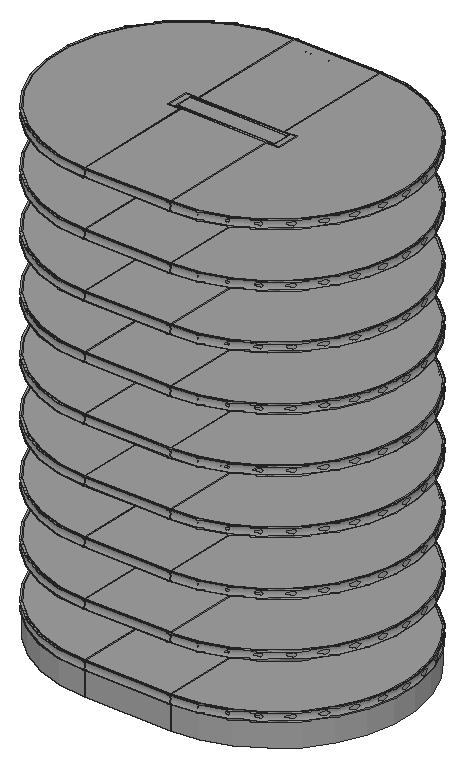
Revit family "LUXE-RFAD", category Generic Models, Revit 2012
Parameters
  URL = "http://www.madixinc.com/display/luxe/"
  Shelf Material = Default Madix
  Shelf 8 - On/Off = yes
  Shelf 7 - On/Off = yes
  Shelf 6 - On/Off = yes
  Shelf 5 - On/Off = yes
  Shelf 4 - On/Off = yes
  Shelf 3 - On/Off = yes
  Shelf 2 - On/Off = yes
  Shelf 1 - On/Off = yes
  Model = "Luxe Round Feature Aisle Display"
  Manufacturer = "© 2013 Madix, Inc. All rights reserved."
  Base Material = Default Madix
Reference planes (in)
  plane 1 "Center (Front/Back)": y = 0
  plane 2: z = 0
  plane 3 "Center (Left/Right)": x = 0
Dimensions and locks (in)
  aligned and locked: plane 2 to level
Nested families (in)
  nested 1: "Luxe_RoundFeatureAisleDisplay" at (0, 0, 0), type "Luxe_RoundFeatureAisleDisplay"
Definition of nested family "Luxe_RoundFeatureAisleDisplay"
  Parameters (values of type "Luxe_RoundFeatureAisleDisplay")
    Shelf Material = Default Madix
    Shelf 8 - On/Off = yes
    Shelf 7 - On/Off = yes
    Shelf 6 - On/Off = yes
    Shelf 5 - On/Off = yes
    Shelf 4 - On/Off = yes
    Shelf 3 - On/Off = yes
    Shelf 2 - On/Off = yes
    Shelf 1 - On/Off = yes
    Base Material = Default Madix
  Reference planes (in)
    plane 1 "Center (Front/Back)": y = 0
    plane 2: z = 0
    plane 3 "Center (Left/Right)": x = 0
  Forms (in)
    Extrusion 1, solid, material "Default Madix" <- "Base Material"
      sketch origin (-6, 0, 0) x (1, 0, 0) y (0, 1, 0)
        loop
          line (-0.75, -1.375) -> (0.75, -1.375) -> (0.75, -1.25) -> (0, -1.25) -> (0, 1.25) -> (0.75, 1.25) -> (0.75, 1.375) -> (-0.75, 1.375) -> (-0.75, -1.375)
      from 0 to 58
    Extrusion 2, solid, material "Default Madix" <- "Base Material"
      sketch origin (6, 0, 0) x (-1, 0, 0) y (0, -1, 0)
        loop
          line (-0.75, 1.375) -> (-0.75, -1.375) -> (0.75, -1.375) -> (0.75, -1.25) -> (0, -1.25) -> (0, 1.25) -> (0.75, 1.25) -> (0.75, 1.375) -> (-0.75, 1.375)
      from 0 to 58
    Extrusion 3, solid, material "Default Madix" <- "Base Material"
      sketch origin (0, 0, 0) x (1, 0, 0) y (0, 1, 0)
        loop
          line (-6, -1.25) -> (6, -1.25) -> (6, -1) -> (-6, -1) -> (-6, -1.25)
      from 0 to 58
    Extrusion 4, solid, material "Default Madix" <- "Base Material"
      sketch origin (0, 2.25, 0) x (1, 0, 0) y (0, 1, 0)
        loop
          line (-6, -1.25) -> (6, -1.25) -> (6, -1) -> (-6, -1) -> (-6, -1.25)
      from 0 to 58
    Extrusion 5, solid, material "Default Madix" <- "Base Material"
      sketch origin (0, 0, 16) x (1, 0, 0) y (0, 1, 0)
        loop
          line (6, -1) -> (6, 1) -> (-6, 1) -> (-6, -1) -> (6, -1)
      from 41.5 to 42
    Extrusion 6, solid, material "Default Madix" <- "Base Material"
      sketch origin (17.93813, 0, 0) x (-1, 0, 0) y (0, -1, 0)
        loop
          line (12.68813, -15.99638) -> (12.68813, 15.99638)
          arc (12.68813, 15.99638) -> (-3.30825, 0) -> (12.68813, -15.99638) r 15.99638
      from 0 to 3
    Sweep 7, solid, material "Default Madix" <- "Shelf Material"
      path origin (0, 3.74077, -1) x (1, 0, 0) y (0, 1, 0)
        loop
          arc (-5.25, 12.25562) -> (-21.25, -3.74438) -> (-5.25, -19.74438) r 16
      profile origin (-21.25, -0.00362, -1) x (1, 0, 0) y (0, 0, 1)
        loop
          line (0, 4) -> (0, 5) -> (-0.18969, 5)
          arc (-0.18969, 5) -> (-0.20245, 4.98913) -> (-0.19374, 4.9748) r 0.01293
          arc (-0.19374, 4.9748) -> (-0.02811, 4.5) -> (-0.19374, 4.0252) r 0.76336
          arc (-0.19374, 4.0252) -> (-0.20245, 4.01087) -> (-0.18969, 4) r 0.01293
          line (-0.18969, 4) -> (0, 4)
    Extrusion 8, solid, material "Default Madix" <- "Shelf Material"
      sketch origin (0, 0, -38) x (1, 0, 0) y (0, 1, 0)
        loop
          line (-5.25, 1.25) -> (5.25, 1.25) -> (5.25, 15.99638) -> (-5.25, 15.99638) -> (-5.25, 1.25)
      from 41 to 42
    Extrusion 9, solid, material "Default Madix" <- "Shelf Material"
      sketch origin (-16, 0, -38) x (1, 0, 0) y (0, 1, 0)
        loop
          arc (10.75, 15.99638) -> (-5.25, -0.00362) -> (10.75, -16.00362) r 16
          line (10.75, -16.00362) -> (10.75, -1.375) -> (9.25, -1.375) -> (9.25, 1.375) -> (10.75, 1.375) -> (10.75, 15.99638)
      from 41 to 42
    Extrusion 10, solid, material "Default Madix" <- "Shelf Material"
      sketch origin (0, 0, -38) x (1, 0, 0) y (0, 1, 0)
        loop
          line (-5.25, -1.25) -> (-5.25, -15.99638) -> (5.25, -15.99638) -> (5.25, -1.25) -> (-5.25, -1.25)
      from 41 to 42
    Extrusion 11, solid, material "Default Madix" <- "Shelf Material"
      sketch origin (16, 0, -38) x (-1, 0, 0) y (0, -1, 0)
        loop
          line (10.75, -15.99638) -> (10.75, -1.375) -> (9.25, -1.375) -> (9.25, 1.375) -> (10.75, 1.375) -> (10.75, 16.00362)
          arc (10.75, 16.00362) -> (-5.25, 0.00362) -> (10.75, -15.99638) r 16
      from 41 to 42
    Sweep 12, solid, material "Default Madix" <- "Shelf Material"
      path origin (0, 3.74077, -1) x (-1, 0, 0) y (0, -1, 0)
        loop
          arc (-5.25, -12.25562) -> (-21.25, 3.74438) -> (-5.25, 19.74438) r 16
      profile origin (21.25, -0.00362, -1) x (1, 0, 0) y (0, 0, 1)
        loop
          line (0, 4) -> (0.18969, 4)
          arc (0.18969, 4) -> (0.20245, 4.01087) -> (0.19374, 4.0252) r 0.01293
          arc (0.19374, 4.0252) -> (0.02811, 4.5) -> (0.19374, 4.9748) r 0.76336
          arc (0.19374, 4.9748) -> (0.20245, 4.98913) -> (0.18969, 5) r 0.01293
          line (0.18969, 5) -> (0, 5) -> (0, 4)
    Sweep 13, solid, material "Default Madix" <- "Shelf Material"
      path origin (-4.75, 3.74077, -1) x (-1, 0, 0) y (0, -1, 0)
        loop
          line (0.5, -12.25562) -> (-10, -12.25562)
      profile origin (0, 15.99638, -1) x (0, 1, 0) y (0, 0, 1)
        loop
          line (0, 4) -> (0.18969, 4)
          arc (0.18969, 4) -> (0.20245, 4.01087) -> (0.19374, 4.0252) r 0.01293
          arc (0.19374, 4.0252) -> (0.02811, 4.5) -> (0.19374, 4.9748) r 0.76336
          arc (0.19374, 4.9748) -> (0.20245, 4.98913) -> (0.18969, 5) r 0.01293
          line (0.18969, 5) -> (0, 5) -> (0, 4)
    Sweep 14, solid, material "Default Madix" <- "Shelf Material"
      path origin (-4.75, -3.74077, -1) x (-1, 0, 0) y (0, -1, 0)
        loop
          line (0.5, 12.25562) -> (-10, 12.25562)
      profile origin (0, -15.99638, -1) x (0, 1, 0) y (0, 0, 1)
        loop
          line (0, 4) -> (0, 5) -> (-0.18969, 5)
          arc (-0.18969, 5) -> (-0.20245, 4.98913) -> (-0.19374, 4.9748) r 0.01293
          arc (-0.19374, 4.9748) -> (-0.02811, 4.5) -> (-0.19374, 4.0252) r 0.76336
          arc (-0.19374, 4.0252) -> (-0.20245, 4.01087) -> (-0.18969, 4) r 0.01293
          line (-0.18969, 4) -> (0, 4)
    Sweep 15, solid, material "Default Madix" <- "Shelf Material", visible <- "Shelf 1 - On/Off"
      path origin (0, 3.74077, 5.75) x (1, 0, 0) y (0, 1, 0)
        loop
          arc (-5.25, 12.25562) -> (-21.25, -3.74438) -> (-5.25, -19.74438) r 16
      profile origin (-21.25, -0.00362, 5.75) x (1, 0, 0) y (0, 0, 1)
        loop
          line (0, 4) -> (0, 5) -> (-0.18969, 5)
          arc (-0.18969, 5) -> (-0.20245, 4.98913) -> (-0.19374, 4.9748) r 0.01293
          arc (-0.19374, 4.9748) -> (-0.02811, 4.5) -> (-0.19374, 4.0252) r 0.76336
          arc (-0.19374, 4.0252) -> (-0.20245, 4.01087) -> (-0.18969, 4) r 0.01293
          line (-0.18969, 4) -> (0, 4)
    Extrusion 16, solid, material "Default Madix" <- "Shelf Material", visible <- "Shelf 1 - On/Off"
      sketch origin (0, 0, -31.25) x (1, 0, 0) y (0, 1, 0)
        loop
          line (-5.25, 1.25) -> (5.25, 1.25) -> (5.25, 15.99638) -> (-5.25, 15.99638) -> (-5.25, 1.25)
      from 41 to 42
    Extrusion 17, solid, material "Default Madix" <- "Shelf Material", visible <- "Shelf 1 - On/Off"
      sketch origin (-16, 0, -31.25) x (1, 0, 0) y (0, 1, 0)
        loop
          arc (10.75, 15.99638) -> (-5.25, -0.00362) -> (10.75, -16.00362) r 16
          line (10.75, -16.00362) -> (10.75, -1.375) -> (9.25, -1.375) -> (9.25, 1.375) -> (10.75, 1.375) -> (10.75, 15.99638)
      from 41 to 42
    Extrusion 18, solid, material "Default Madix" <- "Shelf Material", visible <- "Shelf 1 - On/Off"
      sketch origin (0, 0, -31.25) x (1, 0, 0) y (0, 1, 0)
        loop
          line (-5.25, -1.25) -> (-5.25, -15.99638) -> (5.25, -15.99638) -> (5.25, -1.25) -> (-5.25, -1.25)
      from 41 to 42
    Extrusion 19, solid, material "Default Madix" <- "Shelf Material", visible <- "Shelf 1 - On/Off"
      sketch origin (16, 0, -31.25) x (-1, 0, 0) y (0, -1, 0)
        loop
          line (10.75, -15.99638) -> (10.75, -1.375) -> (9.25, -1.375) -> (9.25, 1.375) -> (10.75, 1.375) -> (10.75, 16.00362)
          arc (10.75, 16.00362) -> (-5.25, 0.00362) -> (10.75, -15.99638) r 16
      from 41 to 42
    Sweep 20, solid, material "Default Madix" <- "Shelf Material", visible <- "Shelf 1 - On/Off"
      path origin (0, 3.74077, 5.75) x (-1, 0, 0) y (0, -1, 0)
        loop
          arc (-5.25, -12.25562) -> (-21.25, 3.74438) -> (-5.25, 19.74438) r 16
      profile origin (21.25, -0.00362, 5.75) x (1, 0, 0) y (0, 0, 1)
        loop
          line (0, 4) -> (0.18969, 4)
          arc (0.18969, 4) -> (0.20245, 4.01087) -> (0.19374, 4.0252) r 0.01293
          arc (0.19374, 4.0252) -> (0.02811, 4.5) -> (0.19374, 4.9748) r 0.76336
          arc (0.19374, 4.9748) -> (0.20245, 4.98913) -> (0.18969, 5) r 0.01293
          line (0.18969, 5) -> (0, 5) -> (0, 4)
    Sweep 21, solid, material "Default Madix" <- "Shelf Material", visible <- "Shelf 1 - On/Off"
      path origin (-4.75, 3.74077, 5.75) x (-1, 0, 0) y (0, -1, 0)
        loop
          line (0.5, -12.25562) -> (-10, -12.25562)
      profile origin (0, 15.99638, 5.75) x (0, 1, 0) y (0, 0, 1)
        loop
          line (0, 4) -> (0.18969, 4)
          arc (0.18969, 4) -> (0.20245, 4.01087) -> (0.19374, 4.0252) r 0.01293
          arc (0.19374, 4.0252) -> (0.02811, 4.5) -> (0.19374, 4.9748) r 0.76336
          arc (0.19374, 4.9748) -> (0.20245, 4.98913) -> (0.18969, 5) r 0.01293
          line (0.18969, 5) -> (0, 5) -> (0, 4)
    Sweep 22, solid, material "Default Madix" <- "Shelf Material", visible <- "Shelf 1 - On/Off"
      path origin (-4.75, -3.74077, 5.75) x (-1, 0, 0) y (0, -1, 0)
        loop
          line (0.5, 12.25562) -> (-10, 12.25562)
      profile origin (0, -15.99638, 5.75) x (0, 1, 0) y (0, 0, 1)
        loop
          line (0, 4) -> (0, 5) -> (-0.18969, 5)
          arc (-0.18969, 5) -> (-0.20245, 4.98913) -> (-0.19374, 4.9748) r 0.01293
          arc (-0.19374, 4.9748) -> (-0.02811, 4.5) -> (-0.19374, 4.0252) r 0.76336
          arc (-0.19374, 4.0252) -> (-0.20245, 4.01087) -> (-0.18969, 4) r 0.01293
          line (-0.18969, 4) -> (0, 4)
    Extrusion 23, solid, material "Default Madix" <- "Base Material"
      sketch origin (-17.93813, 0, 0) x (1, 0, 0) y (0, 1, 0)
        loop
          arc (12.68813, 15.99638) -> (-3.30825, 0) -> (12.68813, -15.99638) r 15.99638
          line (12.68813, -15.99638) -> (12.68813, 15.99638)
      from 0 to 3
    Extrusion 24, solid, material "Default Madix" <- "Base Material"
      sketch origin (-7.43813, 0, 0) x (1, 0, 0) y (0, 1, 0)
        loop
          line (12.68813, 15.99638) -> (2.18813, 15.99638) -> (2.18813, -15.99638) -> (12.68813, -15.99638) -> (12.68813, 15.99638)
      from 0 to 3
    Sweep 25, solid, material "Default Madix" <- "Shelf Material", visible <- "Shelf 2 - On/Off"
      path origin (0, 3.74077, 12.5) x (1, 0, 0) y (0, 1, 0)
        loop
          arc (-5.25, 12.25562) -> (-21.25, -3.74438) -> (-5.25, -19.74438) r 16
      profile origin (-21.25, -0.00362, 12.5) x (1, 0, 0) y (0, 0, 1)
        loop
          line (0, 4) -> (0, 5) -> (-0.18969, 5)
          arc (-0.18969, 5) -> (-0.20245, 4.98913) -> (-0.19374, 4.9748) r 0.01293
          arc (-0.19374, 4.9748) -> (-0.02811, 4.5) -> (-0.19374, 4.0252) r 0.76336
          arc (-0.19374, 4.0252) -> (-0.20245, 4.01087) -> (-0.18969, 4) r 0.01293
          line (-0.18969, 4) -> (0, 4)
    Extrusion 26, solid, material "Default Madix" <- "Shelf Material", visible <- "Shelf 2 - On/Off"
      sketch origin (0, 0, -24.5) x (1, 0, 0) y (0, 1, 0)
        loop
          line (-5.25, 1.25) -> (5.25, 1.25) -> (5.25, 15.99638) -> (-5.25, 15.99638) -> (-5.25, 1.25)
      from 41 to 42
    Extrusion 27, solid, material "Default Madix" <- "Shelf Material", visible <- "Shelf 2 - On/Off"
      sketch origin (-16, 0, -24.5) x (1, 0, 0) y (0, 1, 0)
        loop
          arc (10.75, 15.99638) -> (-5.25, -0.00362) -> (10.75, -16.00362) r 16
          line (10.75, -16.00362) -> (10.75, -1.375) -> (9.25, -1.375) -> (9.25, 1.375) -> (10.75, 1.375) -> (10.75, 15.99638)
      from 41 to 42
    Extrusion 28, solid, material "Default Madix" <- "Shelf Material", visible <- "Shelf 2 - On/Off"
      sketch origin (0, 0, -24.5) x (1, 0, 0) y (0, 1, 0)
        loop
          line (-5.25, -1.25) -> (-5.25, -15.99638) -> (5.25, -15.99638) -> (5.25, -1.25) -> (-5.25, -1.25)
      from 41 to 42
    Extrusion 29, solid, material "Default Madix" <- "Shelf Material", visible <- "Shelf 2 - On/Off"
      sketch origin (16, 0, -24.5) x (-1, 0, 0) y (0, -1, 0)
        loop
          line (10.75, -15.99638) -> (10.75, -1.375) -> (9.25, -1.375) -> (9.25, 1.375) -> (10.75, 1.375) -> (10.75, 16.00362)
          arc (10.75, 16.00362) -> (-5.25, 0.00362) -> (10.75, -15.99638) r 16
      from 41 to 42
    Sweep 30, solid, material "Default Madix" <- "Shelf Material", visible <- "Shelf 2 - On/Off"
      path origin (0, 3.74077, 12.5) x (-1, 0, 0) y (0, -1, 0)
        loop
          arc (-5.25, -12.25562) -> (-21.25, 3.74438) -> (-5.25, 19.74438) r 16
      profile origin (21.25, -0.00362, 12.5) x (1, 0, 0) y (0, 0, 1)
        loop
          line (0, 4) -> (0.18969, 4)
          arc (0.18969, 4) -> (0.20245, 4.01087) -> (0.19374, 4.0252) r 0.01293
          arc (0.19374, 4.0252) -> (0.02811, 4.5) -> (0.19374, 4.9748) r 0.76336
          arc (0.19374, 4.9748) -> (0.20245, 4.98913) -> (0.18969, 5) r 0.01293
          line (0.18969, 5) -> (0, 5) -> (0, 4)
    Sweep 31, solid, material "Default Madix" <- "Shelf Material", visible <- "Shelf 2 - On/Off"
      path origin (-4.75, 3.74077, 12.5) x (-1, 0, 0) y (0, -1, 0)
        loop
          line (0.5, -12.25562) -> (-10, -12.25562)
      profile origin (0, 15.99638, 12.5) x (0, 1, 0) y (0, 0, 1)
        loop
          line (0, 4) -> (0.18969, 4)
          arc (0.18969, 4) -> (0.20245, 4.01087) -> (0.19374, 4.0252) r 0.01293
          arc (0.19374, 4.0252) -> (0.02811, 4.5) -> (0.19374, 4.9748) r 0.76336
          arc (0.19374, 4.9748) -> (0.20245, 4.98913) -> (0.18969, 5) r 0.01293
          line (0.18969, 5) -> (0, 5) -> (0, 4)
    Sweep 32, solid, material "Default Madix" <- "Shelf Material", visible <- "Shelf 2 - On/Off"
      path origin (-4.75, -3.74077, 12.5) x (-1, 0, 0) y (0, -1, 0)
        loop
          line (0.5, 12.25562) -> (-10, 12.25562)
      profile origin (0, -15.99638, 12.5) x (0, 1, 0) y (0, 0, 1)
        loop
          line (0, 4) -> (0, 5) -> (-0.18969, 5)
          arc (-0.18969, 5) -> (-0.20245, 4.98913) -> (-0.19374, 4.9748) r 0.01293
          arc (-0.19374, 4.9748) -> (-0.02811, 4.5) -> (-0.19374, 4.0252) r 0.76336
          arc (-0.19374, 4.0252) -> (-0.20245, 4.01087) -> (-0.18969, 4) r 0.01293
          line (-0.18969, 4) -> (0, 4)
    Sweep 33, solid, material "Default Madix" <- "Shelf Material", visible <- "Shelf 3 - On/Off"
      path origin (0, 3.74077, 19.25) x (1, 0, 0) y (0, 1, 0)
        loop
          arc (-5.25, 12.25562) -> (-21.25, -3.74438) -> (-5.25, -19.74438) r 16
      profile origin (-21.25, -0.00362, 19.25) x (1, 0, 0) y (0, 0, 1)
        loop
          line (0, 4) -> (0, 5) -> (-0.18969, 5)
          arc (-0.18969, 5) -> (-0.20245, 4.98913) -> (-0.19374, 4.9748) r 0.01293
          arc (-0.19374, 4.9748) -> (-0.02811, 4.5) -> (-0.19374, 4.0252) r 0.76336
          arc (-0.19374, 4.0252) -> (-0.20245, 4.01087) -> (-0.18969, 4) r 0.01293
          line (-0.18969, 4) -> (0, 4)
    Extrusion 34, solid, material "Default Madix" <- "Shelf Material", visible <- "Shelf 3 - On/Off"
      sketch origin (0, 0, -17.75) x (1, 0, 0) y (0, 1, 0)
        loop
          line (-5.25, 1.25) -> (5.25, 1.25) -> (5.25, 15.99638) -> (-5.25, 15.99638) -> (-5.25, 1.25)
      from 41 to 42
    Extrusion 35, solid, material "Default Madix" <- "Shelf Material", visible <- "Shelf 3 - On/Off"
      sketch origin (-16, 0, -17.75) x (1, 0, 0) y (0, 1, 0)
        loop
          arc (10.75, 15.99638) -> (-5.25, -0.00362) -> (10.75, -16.00362) r 16
          line (10.75, -16.00362) -> (10.75, -1.375) -> (9.25, -1.375) -> (9.25, 1.375) -> (10.75, 1.375) -> (10.75, 15.99638)
      from 41 to 42
    Extrusion 36, solid, material "Default Madix" <- "Shelf Material", visible <- "Shelf 3 - On/Off"
      sketch origin (0, 0, -17.75) x (1, 0, 0) y (0, 1, 0)
        loop
          line (-5.25, -1.25) -> (-5.25, -15.99638) -> (5.25, -15.99638) -> (5.25, -1.25) -> (-5.25, -1.25)
      from 41 to 42
    Extrusion 37, solid, material "Default Madix" <- "Shelf Material", visible <- "Shelf 3 - On/Off"
      sketch origin (16, 0, -17.75) x (-1, 0, 0) y (0, -1, 0)
        loop
          line (10.75, -15.99638) -> (10.75, -1.375) -> (9.25, -1.375) -> (9.25, 1.375) -> (10.75, 1.375) -> (10.75, 16.00362)
          arc (10.75, 16.00362) -> (-5.25, 0.00362) -> (10.75, -15.99638) r 16
      from 41 to 42
    Sweep 38, solid, material "Default Madix" <- "Shelf Material", visible <- "Shelf 3 - On/Off"
      path origin (0, 3.74077, 19.25) x (-1, 0, 0) y (0, -1, 0)
        loop
          arc (-5.25, -12.25562) -> (-21.25, 3.74438) -> (-5.25, 19.74438) r 16
      profile origin (21.25, -0.00362, 19.25) x (1, 0, 0) y (0, 0, 1)
        loop
          line (0, 4) -> (0.18969, 4)
          arc (0.18969, 4) -> (0.20245, 4.01087) -> (0.19374, 4.0252) r 0.01293
          arc (0.19374, 4.0252) -> (0.02811, 4.5) -> (0.19374, 4.9748) r 0.76336
          arc (0.19374, 4.9748) -> (0.20245, 4.98913) -> (0.18969, 5) r 0.01293
          line (0.18969, 5) -> (0, 5) -> (0, 4)
    Sweep 39, solid, material "Default Madix" <- "Shelf Material", visible <- "Shelf 3 - On/Off"
      path origin (-4.75, 3.74077, 19.25) x (-1, 0, 0) y (0, -1, 0)
        loop
          line (0.5, -12.25562) -> (-10, -12.25562)
      profile origin (0, 15.99638, 19.25) x (0, 1, 0) y (0, 0, 1)
        loop
          line (0, 4) -> (0.18969, 4)
          arc (0.18969, 4) -> (0.20245, 4.01087) -> (0.19374, 4.0252) r 0.01293
          arc (0.19374, 4.0252) -> (0.02811, 4.5) -> (0.19374, 4.9748) r 0.76336
          arc (0.19374, 4.9748) -> (0.20245, 4.98913) -> (0.18969, 5) r 0.01293
          line (0.18969, 5) -> (0, 5) -> (0, 4)
    Sweep 40, solid, material "Default Madix" <- "Shelf Material", visible <- "Shelf 3 - On/Off"
      path origin (-4.75, -3.74077, 19.25) x (-1, 0, 0) y (0, -1, 0)
        loop
          line (0.5, 12.25562) -> (-10, 12.25562)
      profile origin (0, -15.99638, 19.25) x (0, 1, 0) y (0, 0, 1)
        loop
          line (0, 4) -> (0, 5) -> (-0.18969, 5)
          arc (-0.18969, 5) -> (-0.20245, 4.98913) -> (-0.19374, 4.9748) r 0.01293
          arc (-0.19374, 4.9748) -> (-0.02811, 4.5) -> (-0.19374, 4.0252) r 0.76336
          arc (-0.19374, 4.0252) -> (-0.20245, 4.01087) -> (-0.18969, 4) r 0.01293
          line (-0.18969, 4) -> (0, 4)
    Sweep 41, solid, material "Default Madix" <- "Shelf Material", visible <- "Shelf 4 - On/Off"
      path origin (0, 3.74077, 26) x (1, 0, 0) y (0, 1, 0)
        loop
          arc (-5.25, 12.25562) -> (-21.25, -3.74438) -> (-5.25, -19.74438) r 16
      profile origin (-21.25, -0.00362, 26) x (1, 0, 0) y (0, 0, 1)
        loop
          line (0, 4) -> (0, 5) -> (-0.18969, 5)
          arc (-0.18969, 5) -> (-0.20245, 4.98913) -> (-0.19374, 4.9748) r 0.01293
          arc (-0.19374, 4.9748) -> (-0.02811, 4.5) -> (-0.19374, 4.0252) r 0.76336
          arc (-0.19374, 4.0252) -> (-0.20245, 4.01087) -> (-0.18969, 4) r 0.01293
          line (-0.18969, 4) -> (0, 4)
    Extrusion 42, solid, material "Default Madix" <- "Shelf Material", visible <- "Shelf 4 - On/Off"
      sketch origin (0, 0, -11) x (1, 0, 0) y (0, 1, 0)
        loop
          line (-5.25, 1.25) -> (5.25, 1.25) -> (5.25, 15.99638) -> (-5.25, 15.99638) -> (-5.25, 1.25)
      from 41 to 42
    Extrusion 43, solid, material "Default Madix" <- "Shelf Material", visible <- "Shelf 4 - On/Off"
      sketch origin (-16, 0, -11) x (1, 0, 0) y (0, 1, 0)
        loop
          arc (10.75, 15.99638) -> (-5.25, -0.00362) -> (10.75, -16.00362) r 16
          line (10.75, -16.00362) -> (10.75, -1.375) -> (9.25, -1.375) -> (9.25, 1.375) -> (10.75, 1.375) -> (10.75, 15.99638)
      from 41 to 42
    Extrusion 44, solid, material "Default Madix" <- "Shelf Material", visible <- "Shelf 4 - On/Off"
      sketch origin (0, 0, -11) x (1, 0, 0) y (0, 1, 0)
        loop
          line (-5.25, -1.25) -> (-5.25, -15.99638) -> (5.25, -15.99638) -> (5.25, -1.25) -> (-5.25, -1.25)
      from 41 to 42
    Extrusion 45, solid, material "Default Madix" <- "Shelf Material", visible <- "Shelf 4 - On/Off"
      sketch origin (16, 0, -11) x (-1, 0, 0) y (0, -1, 0)
        loop
          line (10.75, -15.99638) -> (10.75, -1.375) -> (9.25, -1.375) -> (9.25, 1.375) -> (10.75, 1.375) -> (10.75, 16.00362)
          arc (10.75, 16.00362) -> (-5.25, 0.00362) -> (10.75, -15.99638) r 16
      from 41 to 42
    Sweep 46, solid, material "Default Madix" <- "Shelf Material", visible <- "Shelf 4 - On/Off"
      path origin (0, 3.74077, 26) x (-1, 0, 0) y (0, -1, 0)
        loop
          arc (-5.25, -12.25562) -> (-21.25, 3.74438) -> (-5.25, 19.74438) r 16
      profile origin (21.25, -0.00362, 26) x (1, 0, 0) y (0, 0, 1)
        loop
          line (0, 4) -> (0.18969, 4)
          arc (0.18969, 4) -> (0.20245, 4.01087) -> (0.19374, 4.0252) r 0.01293
          arc (0.19374, 4.0252) -> (0.02811, 4.5) -> (0.19374, 4.9748) r 0.76336
          arc (0.19374, 4.9748) -> (0.20245, 4.98913) -> (0.18969, 5) r 0.01293
          line (0.18969, 5) -> (0, 5) -> (0, 4)
    Sweep 47, solid, material "Default Madix" <- "Shelf Material", visible <- "Shelf 4 - On/Off"
      path origin (-4.75, 3.74077, 26) x (-1, 0, 0) y (0, -1, 0)
        loop
          line (0.5, -12.25562) -> (-10, -12.25562)
      profile origin (0, 15.99638, 26) x (0, 1, 0) y (0, 0, 1)
        loop
          line (0, 4) -> (0.18969, 4)
          arc (0.18969, 4) -> (0.20245, 4.01087) -> (0.19374, 4.0252) r 0.01293
          arc (0.19374, 4.0252) -> (0.02811, 4.5) -> (0.19374, 4.9748) r 0.76336
          arc (0.19374, 4.9748) -> (0.20245, 4.98913) -> (0.18969, 5) r 0.01293
          line (0.18969, 5) -> (0, 5) -> (0, 4)
    Sweep 48, solid, material "Default Madix" <- "Shelf Material", visible <- "Shelf 4 - On/Off"
      path origin (-4.75, -3.74077, 26) x (-1, 0, 0) y (0, -1, 0)
        loop
          line (0.5, 12.25562) -> (-10, 12.25562)
      profile origin (0, -15.99638, 26) x (0, 1, 0) y (0, 0, 1)
        loop
          line (0, 4) -> (0, 5) -> (-0.18969, 5)
          arc (-0.18969, 5) -> (-0.20245, 4.98913) -> (-0.19374, 4.9748) r 0.01293
          arc (-0.19374, 4.9748) -> (-0.02811, 4.5) -> (-0.19374, 4.0252) r 0.76336
          arc (-0.19374, 4.0252) -> (-0.20245, 4.01087) -> (-0.18969, 4) r 0.01293
          line (-0.18969, 4) -> (0, 4)
    Sweep 49, solid, material "Default Madix" <- "Shelf Material", visible <- "Shelf 5 - On/Off"
      path origin (0, 3.74077, 32.75) x (1, 0, 0) y (0, 1, 0)
        loop
          arc (-5.25, 12.25562) -> (-21.25, -3.74438) -> (-5.25, -19.74438) r 16
      profile origin (-21.25, -0.00362, 32.75) x (1, 0, 0) y (0, 0, 1)
        loop
          line (0, 4) -> (0, 5) -> (-0.18969, 5)
          arc (-0.18969, 5) -> (-0.20245, 4.98913) -> (-0.19374, 4.9748) r 0.01293
          arc (-0.19374, 4.9748) -> (-0.02811, 4.5) -> (-0.19374, 4.0252) r 0.76336
          arc (-0.19374, 4.0252) -> (-0.20245, 4.01087) -> (-0.18969, 4) r 0.01293
          line (-0.18969, 4) -> (0, 4)
    Extrusion 50, solid, material "Default Madix" <- "Shelf Material", visible <- "Shelf 5 - On/Off"
      sketch origin (0, 0, -4.25) x (1, 0, 0) y (0, 1, 0)
        loop
          line (-5.25, 1.25) -> (5.25, 1.25) -> (5.25, 15.99638) -> (-5.25, 15.99638) -> (-5.25, 1.25)
      from 41 to 42
    Extrusion 51, solid, material "Default Madix" <- "Shelf Material", visible <- "Shelf 5 - On/Off"
      sketch origin (-16, 0, -4.25) x (1, 0, 0) y (0, 1, 0)
        loop
          arc (10.75, 15.99638) -> (-5.25, -0.00362) -> (10.75, -16.00362) r 16
          line (10.75, -16.00362) -> (10.75, -1.375) -> (9.25, -1.375) -> (9.25, 1.375) -> (10.75, 1.375) -> (10.75, 15.99638)
      from 41 to 42
    Extrusion 52, solid, material "Default Madix" <- "Shelf Material", visible <- "Shelf 5 - On/Off"
      sketch origin (0, 0, -4.25) x (1, 0, 0) y (0, 1, 0)
        loop
          line (-5.25, -1.25) -> (-5.25, -15.99638) -> (5.25, -15.99638) -> (5.25, -1.25) -> (-5.25, -1.25)
      from 41 to 42
    Extrusion 53, solid, material "Default Madix" <- "Shelf Material", visible <- "Shelf 5 - On/Off"
      sketch origin (16, 0, -4.25) x (-1, 0, 0) y (0, -1, 0)
        loop
          line (10.75, -15.99638) -> (10.75, -1.375) -> (9.25, -1.375) -> (9.25, 1.375) -> (10.75, 1.375) -> (10.75, 16.00362)
          arc (10.75, 16.00362) -> (-5.25, 0.00362) -> (10.75, -15.99638) r 16
      from 41 to 42
    Sweep 54, solid, material "Default Madix" <- "Shelf Material", visible <- "Shelf 5 - On/Off"
      path origin (0, 3.74077, 32.75) x (-1, 0, 0) y (0, -1, 0)
        loop
          arc (-5.25, -12.25562) -> (-21.25, 3.74438) -> (-5.25, 19.74438) r 16
      profile origin (21.25, -0.00362, 32.75) x (1, 0, 0) y (0, 0, 1)
        loop
          line (0, 4) -> (0.18969, 4)
          arc (0.18969, 4) -> (0.20245, 4.01087) -> (0.19374, 4.0252) r 0.01293
          arc (0.19374, 4.0252) -> (0.02811, 4.5) -> (0.19374, 4.9748) r 0.76336
          arc (0.19374, 4.9748) -> (0.20245, 4.98913) -> (0.18969, 5) r 0.01293
          line (0.18969, 5) -> (0, 5) -> (0, 4)
    Sweep 55, solid, material "Default Madix" <- "Shelf Material", visible <- "Shelf 5 - On/Off"
      path origin (-4.75, 3.74077, 32.75) x (-1, 0, 0) y (0, -1, 0)
        loop
          line (0.5, -12.25562) -> (-10, -12.25562)
      profile origin (0, 15.99638, 32.75) x (0, 1, 0) y (0, 0, 1)
        loop
          line (0, 4) -> (0.18969, 4)
          arc (0.18969, 4) -> (0.20245, 4.01087) -> (0.19374, 4.0252) r 0.01293
          arc (0.19374, 4.0252) -> (0.02811, 4.5) -> (0.19374, 4.9748) r 0.76336
          arc (0.19374, 4.9748) -> (0.20245, 4.98913) -> (0.18969, 5) r 0.01293
          line (0.18969, 5) -> (0, 5) -> (0, 4)
    Sweep 56, solid, material "Default Madix" <- "Shelf Material", visible <- "Shelf 5 - On/Off"
      path origin (-4.75, -3.74077, 32.75) x (-1, 0, 0) y (0, -1, 0)
        loop
          line (0.5, 12.25562) -> (-10, 12.25562)
      profile origin (0, -15.99638, 32.75) x (0, 1, 0) y (0, 0, 1)
        loop
          line (0, 4) -> (0, 5) -> (-0.18969, 5)
          arc (-0.18969, 5) -> (-0.20245, 4.98913) -> (-0.19374, 4.9748) r 0.01293
          arc (-0.19374, 4.9748) -> (-0.02811, 4.5) -> (-0.19374, 4.0252) r 0.76336
          arc (-0.19374, 4.0252) -> (-0.20245, 4.01087) -> (-0.18969, 4) r 0.01293
          line (-0.18969, 4) -> (0, 4)
    Sweep 57, solid, material "Default Madix" <- "Shelf Material", visible <- "Shelf 6 - On/Off"
      path origin (0, 3.74077, 39.5) x (1, 0, 0) y (0, 1, 0)
        loop
          arc (-5.25, 12.25562) -> (-21.25, -3.74438) -> (-5.25, -19.74438) r 16
      profile origin (-21.25, -0.00362, 39.5) x (1, 0, 0) y (0, 0, 1)
        loop
          line (0, 4) -> (0, 5) -> (-0.18969, 5)
          arc (-0.18969, 5) -> (-0.20245, 4.98913) -> (-0.19374, 4.9748) r 0.01293
          arc (-0.19374, 4.9748) -> (-0.02811, 4.5) -> (-0.19374, 4.0252) r 0.76336
          arc (-0.19374, 4.0252) -> (-0.20245, 4.01087) -> (-0.18969, 4) r 0.01293
          line (-0.18969, 4) -> (0, 4)
    Extrusion 58, solid, material "Default Madix" <- "Shelf Material", visible <- "Shelf 6 - On/Off"
      sketch origin (0, 0, 2.5) x (1, 0, 0) y (0, 1, 0)
        loop
          line (-5.25, 1.25) -> (5.25, 1.25) -> (5.25, 15.99638) -> (-5.25, 15.99638) -> (-5.25, 1.25)
      from 41 to 42
    Extrusion 59, solid, material "Default Madix" <- "Shelf Material", visible <- "Shelf 6 - On/Off"
      sketch origin (-16, 0, 2.5) x (1, 0, 0) y (0, 1, 0)
        loop
          arc (10.75, 15.99638) -> (-5.25, -0.00362) -> (10.75, -16.00362) r 16
          line (10.75, -16.00362) -> (10.75, -1.375) -> (9.25, -1.375) -> (9.25, 1.375) -> (10.75, 1.375) -> (10.75, 15.99638)
      from 41 to 42
    Extrusion 60, solid, material "Default Madix" <- "Shelf Material", visible <- "Shelf 6 - On/Off"
      sketch origin (0, 0, 2.5) x (1, 0, 0) y (0, 1, 0)
        loop
          line (-5.25, -1.25) -> (-5.25, -15.99638) -> (5.25, -15.99638) -> (5.25, -1.25) -> (-5.25, -1.25)
      from 41 to 42
    Extrusion 61, solid, material "Default Madix" <- "Shelf Material", visible <- "Shelf 6 - On/Off"
      sketch origin (16, 0, 2.5) x (-1, 0, 0) y (0, -1, 0)
        loop
          line (10.75, -15.99638) -> (10.75, -1.375) -> (9.25, -1.375) -> (9.25, 1.375) -> (10.75, 1.375) -> (10.75, 16.00362)
          arc (10.75, 16.00362) -> (-5.25, 0.00362) -> (10.75, -15.99638) r 16
      from 41 to 42
    Sweep 62, solid, material "Default Madix" <- "Shelf Material", visible <- "Shelf 6 - On/Off"
      path origin (0, 3.74077, 39.5) x (-1, 0, 0) y (0, -1, 0)
        loop
          arc (-5.25, -12.25562) -> (-21.25, 3.74438) -> (-5.25, 19.74438) r 16
      profile origin (21.25, -0.00362, 39.5) x (1, 0, 0) y (0, 0, 1)
        loop
          line (0, 4) -> (0.18969, 4)
          arc (0.18969, 4) -> (0.20245, 4.01087) -> (0.19374, 4.0252) r 0.01293
          arc (0.19374, 4.0252) -> (0.02811, 4.5) -> (0.19374, 4.9748) r 0.76336
          arc (0.19374, 4.9748) -> (0.20245, 4.98913) -> (0.18969, 5) r 0.01293
          line (0.18969, 5) -> (0, 5) -> (0, 4)
    Sweep 63, solid, material "Default Madix" <- "Shelf Material", visible <- "Shelf 6 - On/Off"
      path origin (-4.75, 3.74077, 39.5) x (-1, 0, 0) y (0, -1, 0)
        loop
          line (0.5, -12.25562) -> (-10, -12.25562)
      profile origin (0, 15.99638, 39.5) x (0, 1, 0) y (0, 0, 1)
        loop
          line (0, 4) -> (0.18969, 4)
          arc (0.18969, 4) -> (0.20245, 4.01087) -> (0.19374, 4.0252) r 0.01293
          arc (0.19374, 4.0252) -> (0.02811, 4.5) -> (0.19374, 4.9748) r 0.76336
          arc (0.19374, 4.9748) -> (0.20245, 4.98913) -> (0.18969, 5) r 0.01293
          line (0.18969, 5) -> (0, 5) -> (0, 4)
    Sweep 64, solid, material "Default Madix" <- "Shelf Material", visible <- "Shelf 6 - On/Off"
      path origin (-4.75, -3.74077, 39.5) x (-1, 0, 0) y (0, -1, 0)
        loop
          line (0.5, 12.25562) -> (-10, 12.25562)
      profile origin (0, -15.99638, 39.5) x (0, 1, 0) y (0, 0, 1)
        loop
          line (0, 4) -> (0, 5) -> (-0.18969, 5)
          arc (-0.18969, 5) -> (-0.20245, 4.98913) -> (-0.19374, 4.9748) r 0.01293
          arc (-0.19374, 4.9748) -> (-0.02811, 4.5) -> (-0.19374, 4.0252) r 0.76336
          arc (-0.19374, 4.0252) -> (-0.20245, 4.01087) -> (-0.18969, 4) r 0.01293
          line (-0.18969, 4) -> (0, 4)
    Sweep 65, solid, material "Default Madix" <- "Shelf Material", visible <- "Shelf 7 - On/Off"
      path origin (0, 3.74077, 46.25) x (1, 0, 0) y (0, 1, 0)
        loop
          arc (-5.25, 12.25562) -> (-21.25, -3.74438) -> (-5.25, -19.74438) r 16
      profile origin (-21.25, -0.00362, 46.25) x (1, 0, 0) y (0, 0, 1)
        loop
          line (0, 4) -> (0, 5) -> (-0.18969, 5)
          arc (-0.18969, 5) -> (-0.20245, 4.98913) -> (-0.19374, 4.9748) r 0.01293
          arc (-0.19374, 4.9748) -> (-0.02811, 4.5) -> (-0.19374, 4.0252) r 0.76336
          arc (-0.19374, 4.0252) -> (-0.20245, 4.01087) -> (-0.18969, 4) r 0.01293
          line (-0.18969, 4) -> (0, 4)
    Extrusion 66, solid, material "Default Madix" <- "Shelf Material", visible <- "Shelf 7 - On/Off"
      sketch origin (0, 0, 9.25) x (1, 0, 0) y (0, 1, 0)
        loop
          line (-5.25, 1.25) -> (5.25, 1.25) -> (5.25, 15.99638) -> (-5.25, 15.99638) -> (-5.25, 1.25)
      from 41 to 42
    Extrusion 67, solid, material "Default Madix" <- "Shelf Material", visible <- "Shelf 7 - On/Off"
      sketch origin (-16, 0, 9.25) x (1, 0, 0) y (0, 1, 0)
        loop
          arc (10.75, 15.99638) -> (-5.25, -0.00362) -> (10.75, -16.00362) r 16
          line (10.75, -16.00362) -> (10.75, -1.375) -> (9.25, -1.375) -> (9.25, 1.375) -> (10.75, 1.375) -> (10.75, 15.99638)
      from 41 to 42
    Extrusion 68, solid, material "Default Madix" <- "Shelf Material", visible <- "Shelf 7 - On/Off"
      sketch origin (0, 0, 9.25) x (1, 0, 0) y (0, 1, 0)
        loop
          line (-5.25, -1.25) -> (-5.25, -15.99638) -> (5.25, -15.99638) -> (5.25, -1.25) -> (-5.25, -1.25)
      from 41 to 42
    Extrusion 69, solid, material "Default Madix" <- "Shelf Material", visible <- "Shelf 7 - On/Off"
      sketch origin (16, 0, 9.25) x (-1, 0, 0) y (0, -1, 0)
        loop
          line (10.75, -15.99638) -> (10.75, -1.375) -> (9.25, -1.375) -> (9.25, 1.375) -> (10.75, 1.375) -> (10.75, 16.00362)
          arc (10.75, 16.00362) -> (-5.25, 0.00362) -> (10.75, -15.99638) r 16
      from 41 to 42
    Sweep 70, solid, material "Default Madix" <- "Shelf Material", visible <- "Shelf 7 - On/Off"
      path origin (0, 3.74077, 46.25) x (-1, 0, 0) y (0, -1, 0)
        loop
          arc (-5.25, -12.25562) -> (-21.25, 3.74438) -> (-5.25, 19.74438) r 16
      profile origin (21.25, -0.00362, 46.25) x (1, 0, 0) y (0, 0, 1)
        loop
          line (0, 4) -> (0.18969, 4)
          arc (0.18969, 4) -> (0.20245, 4.01087) -> (0.19374, 4.0252) r 0.01293
          arc (0.19374, 4.0252) -> (0.02811, 4.5) -> (0.19374, 4.9748) r 0.76336
          arc (0.19374, 4.9748) -> (0.20245, 4.98913) -> (0.18969, 5) r 0.01293
          line (0.18969, 5) -> (0, 5) -> (0, 4)
    Sweep 71, solid, material "Default Madix" <- "Shelf Material", visible <- "Shelf 7 - On/Off"
      path origin (-4.75, 3.74077, 46.25) x (-1, 0, 0) y (0, -1, 0)
        loop
          line (0.5, -12.25562) -> (-10, -12.25562)
      profile origin (0, 15.99638, 46.25) x (0, 1, 0) y (0, 0, 1)
        loop
          line (0, 4) -> (0.18969, 4)
          arc (0.18969, 4) -> (0.20245, 4.01087) -> (0.19374, 4.0252) r 0.01293
          arc (0.19374, 4.0252) -> (0.02811, 4.5) -> (0.19374, 4.9748) r 0.76336
          arc (0.19374, 4.9748) -> (0.20245, 4.98913) -> (0.18969, 5) r 0.01293
          line (0.18969, 5) -> (0, 5) -> (0, 4)
    Sweep 72, solid, material "Default Madix" <- "Shelf Material", visible <- "Shelf 7 - On/Off"
      path origin (-4.75, -3.74077, 46.25) x (-1, 0, 0) y (0, -1, 0)
        loop
          line (0.5, 12.25562) -> (-10, 12.25562)
      profile origin (0, -15.99638, 46.25) x (0, 1, 0) y (0, 0, 1)
        loop
          line (0, 4) -> (0, 5) -> (-0.18969, 5)
          arc (-0.18969, 5) -> (-0.20245, 4.98913) -> (-0.19374, 4.9748) r 0.01293
          arc (-0.19374, 4.9748) -> (-0.02811, 4.5) -> (-0.19374, 4.0252) r 0.76336
          arc (-0.19374, 4.0252) -> (-0.20245, 4.01087) -> (-0.18969, 4) r 0.01293
          line (-0.18969, 4) -> (0, 4)
    Sweep 73, solid, material "Default Madix" <- "Shelf Material", visible <- "Shelf 8 - On/Off"
      path origin (0, 3.74077, 53) x (1, 0, 0) y (0, 1, 0)
        loop
          arc (-5.25, 12.25562) -> (-21.25, -3.74438) -> (-5.25, -19.74438) r 16
      profile origin (-21.25, -0.00362, 53) x (1, 0, 0) y (0, 0, 1)
        loop
          line (0, 4) -> (0, 5) -> (-0.18969, 5)
          arc (-0.18969, 5) -> (-0.20245, 4.98913) -> (-0.19374, 4.9748) r 0.01293
          arc (-0.19374, 4.9748) -> (-0.02811, 4.5) -> (-0.19374, 4.0252) r 0.76336
          arc (-0.19374, 4.0252) -> (-0.20245, 4.01087) -> (-0.18969, 4) r 0.01293
          line (-0.18969, 4) -> (0, 4)
    Extrusion 74, solid, material "Default Madix" <- "Shelf Material", visible <- "Shelf 8 - On/Off"
      sketch origin (0, 0, 16) x (1, 0, 0) y (0, 1, 0)
        loop
          line (-5.25, 1.25) -> (5.25, 1.25) -> (5.25, 15.99638) -> (-5.25, 15.99638) -> (-5.25, 1.25)
      from 41 to 42
    Extrusion 75, solid, material "Default Madix" <- "Shelf Material", visible <- "Shelf 8 - On/Off"
      sketch origin (-16, 0, 16) x (1, 0, 0) y (0, 1, 0)
        loop
          arc (10.75, 15.99638) -> (-5.25, -0.00362) -> (10.75, -16.00362) r 16
          line (10.75, -16.00362) -> (10.75, -1.375) -> (9.25, -1.375) -> (9.25, 1.375) -> (10.75, 1.375) -> (10.75, 15.99638)
      from 41 to 42
    Extrusion 76, solid, material "Default Madix" <- "Shelf Material", visible <- "Shelf 8 - On/Off"
      sketch origin (0, 0, 16) x (1, 0, 0) y (0, 1, 0)
        loop
          line (-5.25, -1.25) -> (-5.25, -15.99638) -> (5.25, -15.99638) -> (5.25, -1.25) -> (-5.25, -1.25)
      from 41 to 42
    Extrusion 77, solid, material "Default Madix" <- "Shelf Material", visible <- "Shelf 8 - On/Off"
      sketch origin (16, 0, 16) x (-1, 0, 0) y (0, -1, 0)
        loop
          line (10.75, -15.99638) -> (10.75, -1.375) -> (9.25, -1.375) -> (9.25, 1.375) -> (10.75, 1.375) -> (10.75, 16.00362)
          arc (10.75, 16.00362) -> (-5.25, 0.00362) -> (10.75, -15.99638) r 16
      from 41 to 42
    Sweep 78, solid, material "Default Madix" <- "Shelf Material", visible <- "Shelf 8 - On/Off"
      path origin (0, 3.74077, 53) x (-1, 0, 0) y (0, -1, 0)
        loop
          arc (-5.25, -12.25562) -> (-21.25, 3.74438) -> (-5.25, 19.74438) r 16
      profile origin (21.25, -0.00362, 53) x (1, 0, 0) y (0, 0, 1)
        loop
          line (0, 4) -> (0.18969, 4)
          arc (0.18969, 4) -> (0.20245, 4.01087) -> (0.19374, 4.0252) r 0.01293
          arc (0.19374, 4.0252) -> (0.02811, 4.5) -> (0.19374, 4.9748) r 0.76336
          arc (0.19374, 4.9748) -> (0.20245, 4.98913) -> (0.18969, 5) r 0.01293
          line (0.18969, 5) -> (0, 5) -> (0, 4)
    Sweep 79, solid, material "Default Madix" <- "Shelf Material", visible <- "Shelf 8 - On/Off"
      path origin (-4.75, 3.74077, 53) x (-1, 0, 0) y (0, -1, 0)
        loop
          line (0.5, -12.25562) -> (-10, -12.25562)
      profile origin (0, 15.99638, 53) x (0, 1, 0) y (0, 0, 1)
        loop
          line (0, 4) -> (0.18969, 4)
          arc (0.18969, 4) -> (0.20245, 4.01087) -> (0.19374, 4.0252) r 0.01293
          arc (0.19374, 4.0252) -> (0.02811, 4.5) -> (0.19374, 4.9748) r 0.76336
          arc (0.19374, 4.9748) -> (0.20245, 4.98913) -> (0.18969, 5) r 0.01293
          line (0.18969, 5) -> (0, 5) -> (0, 4)
    Sweep 80, solid, material "Default Madix" <- "Shelf Material", visible <- "Shelf 8 - On/Off"
      path origin (-4.75, -3.74077, 53) x (-1, 0, 0) y (0, -1, 0)
        loop
          line (0.5, 12.25562) -> (-10, 12.25562)
      profile origin (0, -15.99638, 53) x (0, 1, 0) y (0, 0, 1)
        loop
          line (0, 4) -> (0, 5) -> (-0.18969, 5)
          arc (-0.18969, 5) -> (-0.20245, 4.98913) -> (-0.19374, 4.9748) r 0.01293
          arc (-0.19374, 4.9748) -> (-0.02811, 4.5) -> (-0.19374, 4.0252) r 0.76336
          arc (-0.19374, 4.0252) -> (-0.20245, 4.01087) -> (-0.18969, 4) r 0.01293
          line (-0.18969, 4) -> (0, 4)
  Dimensions and locks (in)
    aligned and locked: plane 2 to level
